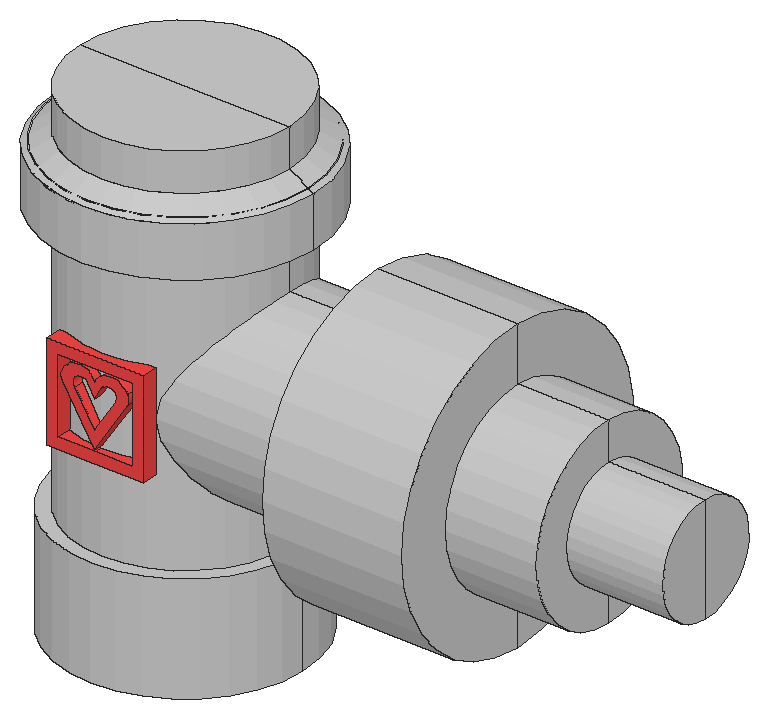
Revit family "Клапан для отключения радиатора HERZ-RL-5 с возможностью гидравлической настройки и слива, угловой 3924", category Rohrzubehör, Revit 2021
Family settings
  Bemaßung runder Anschluss = Durchmesser verwenden
  Teiletyp = Unterbricht
  OmniClass-Nummer = 23.65.55.14
  OmniClass-Titel = Valves for Liquid Services
  Arbeitsebenenbasiert = Nein
  Immer vertikal = Nein
  Beim Laden mit Abzugskörper schneiden = Nein
  Gemeinsam genutzt = Nein
Parameters
  Среда = "Качество воды в соответствии с ÖNORM H 5195 или директивой VDI 2035."
  Область применения = "Система водяного отопления. С помощью установки радиаторных запорных клапанов возможно осуществить перекрытие обратного потока нагревательных приборов. При одновременном перекрытии с клапаном на подающем трубопроводе возможен демонтаж радиатора в системе, которая находится под давлением. Промывку радиатора или ремонт помещения (оклеивание обоями, облицовку плиткой) можно проводить, не прерывая работу системы. С помощью клапана для отключения радиатора HERZ-RL-5 можно настроить расход воды, протекающей через радиатор, в соответствии с требуемой мощностью. Установка данного клапана особенно рекомендуется при монтаже термостатических клапанов без преднастройки, что способствует экономному расходу воды и поддержанию устойчивой работы системы.  При помощи клапана HERZ-RL-5 можно заполнить или опорожнить радиаторы или систему."
  Номер заказа [instance] = size_lookup("3924_5_", "Artnr", 0, Nennweite)  # 1392400
  Макс. рабочее давление = 1000000.0 Pa  # constant formula
  Макс. рабочая температура = 120 °C  # constant formula
  Корпус = "Никелированная латунь"  # constant formula
  Исполнение = "Все модели поставляются в никелированном исполнении, это универсальные модели со специальной муфтой для резьбовой трубы и компрессионных фитингов."
  W01 = 120.00°  # constant formula
  Vorgabe-Ansicht = 0.000 mm
  URL = "www.herz-armaturen.ru"
  SCRNSEQ = "ARM;ARM_TYP=\"ALLF\";2"
  SCRNCODE = "05;01;02"  # constant formula
  S04 = 45.000 mm  # constant formula
  S03 [instance] = H02 - 5.000 mm + 41.000 mm  # 54.000 mm
  S02 [instance] = L04 + L03 - L02  # 23.000 mm
  S01 = 10.000 mm  # constant formula
  R04 = 9.750 mm  # constant formula
  R03 = 12.000 mm  # constant formula
  R02 = 9.750 mm  # constant formula
  Nennweite [instance] = 10.000 mm
  LO1 [instance] = D03 - 0.500 mm  # 11.000 mm
  L04 [instance] = size_lookup("3924_5_", "L4", 1.000 mm, Nennweite)  # 17.500 mm
  L03 [instance] = size_lookup("3924_5_", "L3", 1.000 mm, Nennweite)  # 13.000 mm
  L02 [instance] = size_lookup("3924_5_", "L2", 1.000 mm, Nennweite)  # 7.500 mm
  L01 [instance] = size_lookup("3924_5_", "L1", 1.000 mm, Nennweite)  # 25.500 mm
  Hersteller = "HERZ Armaturen Ges.m.b.H."  # constant formula
  H07 [instance] = H02 - H04  # 13.000 mm
  H06 = 3.500 mm  # constant formula
  H05 = 9.500 mm  # constant formula
  H04 = 5.000 mm  # constant formula
  H03 [instance] = size_lookup("3924_5_", "H3", 1.000 mm, Nennweite)  # 10.000 mm
  H02 [instance] = size_lookup("3924_5_", "H2", 1.000 mm, Nennweite)  # 18.000 mm
  H01 [instance] = size_lookup("3924_5_", "H1", 1.000 mm, Nennweite)  # 22.500 mm
  GT1 [instance] = size_lookup("3924_5_", "GT1", 1.000 mm, Nennweite)  # 9.000 mm
  GT [instance] = size_lookup("3924_5_", "GT", 1.000 mm, Nennweite)  # 10.000 mm
  G2 [instance] = Nennweite / 2  # 5.000 mm
  G1 [instance] = Nennweite / 2  # 5.000 mm
  R01 = 11.000 mm  # constant formula
  D06 [instance] = 8.750 mm  # constant formula
  D05 [instance] = size_lookup("3924_5_", "D5", 1.000 mm, Nennweite)  # 8.500 mm
  D04 [instance] = size_lookup("3924_5_", "D4", 1.000 mm, Nennweite)  # 13.500 mm
  D03 [instance] = 11.500 mm  # constant formula
  D02 [instance] = size_lookup("3924_5_", "D2", 1.000 mm, Nennweite)  # 7.940 mm
  D01 [instance] = size_lookup("3924_5_", "D1", 1.000 mm, Nennweite)  # 11.000 mm
Reference planes
  plane 1 "Mitte (Vorne/hinten)": y = 0
  plane 2: z = 0
  plane 3 "Mitte (Links/rechts)": x = 0
Forms (mm)
  Revolve 1, solid, material "Messing, weicher Gelbton, geschweißt", detail levels fine
    sketch origin (0, 0, 0) x (1, 0, 0) y (0, 0, 1)
      loop
        line (0, 18) -> (-11.5, 18) -> (-11.5, 13) -> (-9.75, 13) -> (-9.75, -12.5) -> (-11, -12.5) -> (-11, -22.5) -> (-5, -22.5) -> (-5, -12.5) -> (0, -12.5) -> (0, 18)
      axis (0, 18) -> (0, -22.5)
    angle from 0 to 360
  Revolve 2, solid, material "Messing, weicher Gelbton, geschweißt", detail levels fine
    sketch origin (0, 0, 0) x (1, 0, 0) y (0, 0, 1)
      loop
        line (0, 0) -> (25.5, 0) -> (25.5, 7.94) -> (18, 7.94) -> (18, 8.75) -> (0, 8.75) -> (0, 0)
      axis (0, 0) -> (25.5, 0)
    angle from 0 to 360
  Revolve 3, solid, material "Messing, weicher Gelbton, geschweißt", detail levels fine
    sketch origin (-1, 0, 0) x (1, 0, 0) y (0, 0, 1)
      loop
        line (26.5, 0) -> (49.5, 0) -> (49.5, 5) -> (40.5, 5) -> (40.5, 8.5) -> (32, 8.5) -> (32, 13.5) -> (19, 13.5) -> (19, 7.94) -> (26.5, 7.94) -> (26.5, 0)
      axis (19, 0) -> (49.5, 0)
    angle from 0 to 360
  Revolve 4, solid, material "Messing, weicher Gelbton, geschweißt", detail levels fine
    sketch origin (0, 0, 1.5) x (1, 0, 0) y (0, 0, 1)
      loop
        line (0, 11.5) -> (12, 11.5) -> (12, 16.201) -> (9.75, 17.5) -> (9.75, 21) -> (0, 21) -> (0, 11.5)
      axis (0, 21) -> (0, 11.5)
    angle from 0 to 360
Lines and regions (mm)
  model lines, detail levels coarse+medium
    curve 1: line (0, 0, 0) -> (11, 0, -22.5)
    curve 2: line (11, 0, -22.5) -> (-11, 0, -22.5)
    curve 3: line (-11, 0, -22.5) -> (0, 0, 0)
    curve 4: line (0, 0, 0) -> (25.5, 0, 13.5)
    curve 5: line (25.5, 0, 13.5) -> (25.5, 0, -13.5)
    curve 6: line (25.5, 0, -13.5) -> (0, 0, 0)
    curve 7: line (25.5, 0, 13.5) -> (35.5, 0, 13.5)
    curve 8: line (35.5, 0, 13.5) -> (25.5, 0, 0)
    curve 9: line (25.5, 0, -13.5) -> (35.5, 0, -13.5)
    curve 10: line (35.5, 0, -13.5) -> (25.5, 0, 0)
    curve 11: line (25.5, 0, 0) -> (48.5, 0, 0)
    curve 12: line (0, 0, 0) -> (11, -22.5, 0)
    curve 13: line (11, -22.5, 0) -> (-11, -22.5, 0)
    curve 14: line (-11, -22.5, 0) -> (0, 0, 0)
    curve 15: line (0, 0, 0) -> (25.5, 13.5, 0)
    curve 16: line (25.5, 13.5, 0) -> (25.5, -13.5, 0)
    curve 17: line (25.5, -13.5, 0) -> (0, 0, 0)
    curve 18: line (25.5, 13.5, 0) -> (35.5, 13.5, 0)
    curve 19: line (35.5, 13.5, 0) -> (25.5, 0, 0)
    curve 20: line (25.5, -13.5, 0) -> (35.5, -13.5, 0)
    curve 21: line (25.5, 0, 0) -> (35.5, -13.5, 0)
Dimensions and locks
  "H02": Revolve 1 sketch curve to plane 2
  "H01": plane 2 to Revolve 1 sketch curve
  "G1": Revolve 1 sketch curve to Revolve 1 sketch curve
  "D01": Revolve 1 sketch curve to Revolve 1 sketch curve
  "GT": Revolve 1 sketch curve to Revolve 1 sketch curve
  "H03": Revolve 1 sketch curve to Revolve 1 sketch curve
  "D02": Revolve 2 sketch curve to Revolve 2 sketch curve
  "D06": Revolve 2 sketch curve to Revolve 2 sketch curve
  "L02": Revolve 2 sketch curve to Revolve 2 sketch curve
  "R02": nested 1 to plane 1 "Mitte (Vorne/hinten)"
  "L02": Revolve 3 sketch curve to Revolve 3 sketch curve
  "L03": Revolve 3 sketch curve to Revolve 3 sketch curve
  "L04": Revolve 3 sketch curve to Revolve 3 sketch curve
  "D04": Revolve 3 sketch curve to Revolve 3 sketch curve
  "G2": Revolve 3 sketch curve to Revolve 3 sketch curve
  "D05": Revolve 3 sketch curve to Revolve 3 sketch curve
  "GT1": Revolve 3 sketch curve to Revolve 3 sketch curve
  "L01": plane 3 "Mitte (Links/rechts)" to Revolve 3 sketch curve
  "D02": Revolve 3 sketch curve to plane 2
  "H01": plane 2 to curve 2
  "L01": curve 5 to plane 3 "Mitte (Links/rechts)"
  "D01": curve 2 to plane 3 "Mitte (Links/rechts)" to curve 3
  "D04": curve 5 to plane 2 to curve 6
  "S01": curve 5 to curve 8
  "S01": curve 5 to curve 10
  "S02": curve 11 to curve 11
  "H01": curve 13 to plane 1 "Mitte (Vorne/hinten)"
  "D01": curve 14 to plane 3 "Mitte (Links/rechts)" to curve 13
  "L01": plane 3 "Mitte (Links/rechts)" to curve 16
  "D04": curve 17 to plane 1 "Mitte (Vorne/hinten)" to curve 16
  "S01": curve 16 to curve 19
  "S01": curve 16 to curve 21
  "R02": Revolve 1 sketch curve to Revolve 1 sketch curve
  "D03": Revolve 1 sketch curve to Revolve 1 sketch curve
  "H04": Revolve 1 sketch curve to Revolve 1 sketch curve
  "L01": Revolve 2 sketch curve to plane 3 "Mitte (Links/rechts)"
  "H05": Revolve 4 sketch curve to Revolve 4 sketch curve
  "R04": Revolve 4 sketch curve to Revolve 4 sketch curve
  "R03": Revolve 4 sketch curve to Revolve 4 sketch curve
  "H06": Revolve 4 sketch curve to Revolve 4 sketch curve
  "H07": Revolve 4 sketch curve to plane 2
  "W01": angle Revolve 4 sketch curve to Revolve 4 sketch curve
  aligned and locked: level to plane 2
Automatic sketch dimensions
  curve 4 to level = 0.000 mm
  curve 4 to plane 3 "Mitte (Links/rechts)" = 0.000 mm
  curve 11 to level = 0.000 mm
  curve 8 to level = 0.000 mm
  plane 1 "Mitte (Vorne/hinten)" to curve 14 = 0.000 mm
  curve 14 to plane 3 "Mitte (Links/rechts)" = 0.000 mm
  plane 1 "Mitte (Vorne/hinten)" to curve 19 = 0.000 mm
  Revolve 1 sketch curve to plane 3 "Mitte (Links/rechts)" = 0.000 mm  (x2)
  Revolve 1 sketch curve to Revolve 1 sketch curve = 345.545 mm
  Revolve 1 sketch curve to Revolve 1 sketch curve = 2189.815 mm
  Revolve 2 sketch curve to level = 0.000 mm  (x2)
  Revolve 2 sketch curve to plane 3 "Mitte (Links/rechts)" = 0.000 mm
  Revolve 2 sketch curve to plane 3 "Mitte (Links/rechts)" = 9.500 mm
  Revolve 2 sketch curve to Revolve 2 sketch curve = 1815.148 mm
  Revolve 3 sketch curve to level = 0.000 mm  (x2)
  Revolve 3 sketch curve to plane 3 "Mitte (Links/rechts)" = 1507.530 mm
  Revolve 3 sketch curve to Revolve 3 sketch curve = 1789.648 mm
  Revolve 4 sketch curve to plane 3 "Mitte (Links/rechts)" = 0.000 mm  (x2)
  Revolve 4 sketch curve to level = 364.545 mm
  Revolve 4 sketch curve to Revolve 4 sketch curve = 2188.615 mm
Nested families
  nested 1: "Herz-Logo-vorne" at (0, -9.75, 0) x (0, -1, 0) z (0, 0, 1), type "Herz-Logo-vorne", detail levels fine
Connectors
  piping at (0, 0, -12.5), diameter 10, driven by "Nennweite"
    settings: on Revolve 1, index 1, connector inside diameter 609.6 mm, connector length 0.000 mm, flow factor 0, pipe flow 0.0 L/s, pressure drop 0.0 Pa, fitting loss kfactor 0, connector angle 0.00°, fixture units 0, engagement length 0.000 mm, angle of deflection 0.00°, flow configuration 0, flow direction 1, fitting loss method 0, system type 8, joint type 0, gender type 0, connector reference index -1, connector utility 0, adjustable connector no, is connector primary yes, connector description ""
  piping at (48.5, 0, 0), diameter 10, driven by "Nennweite"
    settings: on Revolve 3, index 2, connector inside diameter 609.6 mm, connector length 0.000 mm, flow factor 0, pipe flow 0.0 L/s, pressure drop 0.0 Pa, fitting loss kfactor 0, connector angle 0.00°, fixture units 0, engagement length 0.000 mm, angle of deflection 0.00°, flow configuration 0, flow direction 2, fitting loss method 0, system type 8, joint type 0, gender type 0, connector reference index -1, connector utility 0, adjustable connector no, is connector primary no, connector description ""
Definition of nested family "Herz-Logo-vorne"
  Parameters (values of type "Herz-Logo-vorne")
    Default Elevation = 0.000 mm
  Reference planes
    plane 1 "Mitte (Vorne/hinten)": y = 0
    plane 2: z = 0
    plane 3 "Mitte (Links/rechts)": x = 0
  Forms (mm)
    Extrusion 1, solid
      sketch origin (0.732, -0.018, 0.017) x (0, -1, 0) y (0, 0, 1)
        loop
          line (-0.018, -4.517) -> (4.482, -4.517) -> (4.482, 4.483) -> (-4.518, 4.483) -> (-4.518, -4.517) -> (-0.018, -4.517)
        loop
          line (-0.05, -3.48) -> (3.482, -3.48) -> (3.482, 3.483) -> (-3.518, 3.483) -> (-3.518, -3.48) -> (-0.05, -3.48)
        loop
          arc (-0.018, 2.383) -> (-1.543, 3.287) -> (-3.067, 2.383) r 1.738
          arc (-3.067, 2.383) -> (-3.191, 1.899) -> (-3.067, 1.415) r 1.009
          line (-3.067, 1.415) -> (-0.018, -3.281) -> (3.032, 1.415)
          arc (3.032, 1.415) -> (3.156, 1.899) -> (3.032, 2.383) r 1.009
          arc (3.032, 2.383) -> (1.507, 3.287) -> (-0.018, 2.383) r 1.738
        loop
          arc (1.885, 1.272) -> (2.005, 1.675) -> (1.885, 2.079) r 0.74
          arc (1.885, 2.079) -> (1.265, 2.416) -> (0.644, 2.079) r 0.74
          line (0.644, 2.079) -> (-0.018, 0.97) -> (-0.679, 2.079)
          arc (-0.679, 2.079) -> (-1.3, 2.416) -> (-1.921, 2.079) r 0.74
          arc (-1.921, 2.079) -> (-2.04, 1.675) -> (-1.921, 1.272) r 0.74
          line (-1.921, 1.272) -> (-0.018, -1.658) -> (1.885, 1.272)
      from 0 to 1.5
  Dimensions and locks
    aligned and locked: level to plane 2
